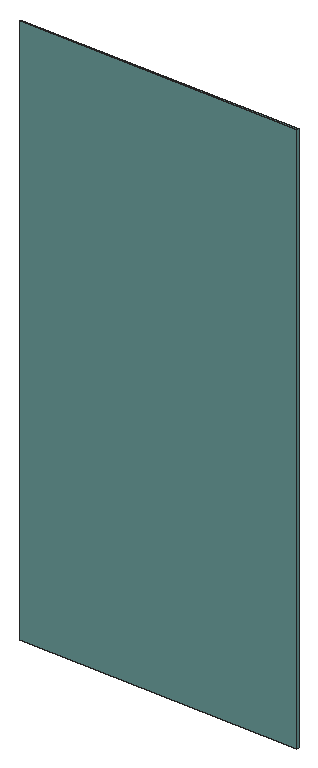
Revit family "Clarus_Wall2Wall_R20", category Furniture, host Face, Revit 2020
Family settings
  Host = Face
  Cut with Voids When Loaded = No
  Shared = No
  Room Calculation Point = No
Parameters (values of type "Create Your Own Sizes")
  Width Control = if(Width > 72", 72", Width)  # 36"
  Width = 36"
  URL = "https://www.clarus.com/"
  TRC Standards [instance] = "http://therevitcollection.com/news/trc-news-the-revit-collection-standards-explained/"
  Show Right Spacer [instance] = no
  Show Left Spacer [instance] = no
  Product URL = "https://www.clarus.com/wall2wall/"
  More Revit Families! [instance] = "www.therevitcollection.com"
  Modeled By = "Commense Studio"  # constant formula
  Model = "Wall 2 Wall"  # constant formula
  Manufacturer = "Clarus"  # constant formula
  Height to Bottom [instance] = 18"
  Height Control = if(Height > 144", 144", Height)  # 72"
  Clarus Glass [instance] = CBC-225 Awesome Aqua
  Description = "Wrap an office from floor to ceiling in beautiful Clarus Wall2Wall Glass to\r\ncreate the perfect space, or selectively integrate custom Clarus Glass into\r\nyour environment. Let your walls become your creativity canvas."  # constant formula
  Height = 72"
  Designer = ""
  Depth = 1/4"  # constant formula
  Default Elevation = 0"
  Channel Spacers [instance] = Clarus Gray
  Assembly Code = ""
Reference planes (in)
  plane 1 "Center (Front/Back)": y = 0
  plane 2: z = 0
  plane 3 "Center (Left/Right)": x = 0
  plane 4 "L": x = -18
  plane 5 "R": x = 18
  plane 6 "F": y = -0.3125
  plane 7: z = 90
  plane 8: z = 18
  plane 9: y = -0.0625
  plane 10: x = -18.0625
  plane 11: x = 18.0625
  plane 12: z = 17.9375
  plane 13: x = -18.4375
  plane 14: x = -17.625
  plane 15: x = 18.4375
  plane 16: x = 17.625
  plane 17: y = -0.1875
Forms (in)
  Extrusion 1, solid, material "CBC-225 Awesome Aqua" <- "Clarus Glass"
    sketch origin (0, 0, 0) x (1, 0, 0) y (0, 1, 0)
      loop
        line (-18, -0.3125) -> (18, -0.3125) -> (18, -0.0625) -> (-18, -0.0625) -> (-18, -0.3125)
    from 18 to 90
  Extrusion 2, solid, material "Clarus Gray" <- "Channel Spacers"
    sketch origin (0, 0, 0) x (0, 1, 0) y (0, 0, 1)
      loop
        line (0, 17.9375) -> (0, 18.6875) -> (-0.0625, 18.6875) -> (-0.0625, 18) -> (-0.1875, 18) -> (-0.1875, 17.9375) -> (0, 17.9375)
    from -17.625 to 17.625
  Extrusion 3, solid, material "Clarus Gray" <- "Channel Spacers", visible <- "Show Left Spacer"
    sketch origin (0, 0, 0) x (1, 0, 0) y (0, 1, 0)
      loop
        line (-18.4375, 0) -> (-18.4375, -0.0625) -> (-18.0625, -0.0625) -> (-18.0625, -0.1875) -> (-18, -0.1875) -> (-18, -0.0625) -> (-17.625, -0.0625) -> (-17.625, 0) -> (-18.4375, 0)
    from 17.9375 to 90
  Extrusion 4, solid, material "Clarus Gray" <- "Channel Spacers", visible <- "Show Right Spacer"
    sketch origin (0, 0, 0) x (-1, 0, 0) y (0, -1, 0)
      loop
        line (-18.4375, 0) -> (-17.625, 0) -> (-17.625, 0.0625) -> (-18, 0.0625) -> (-18, 0.1875) -> (-18.0625, 0.1875) -> (-18.0625, 0.0625) -> (-18.4375, 0.0625) -> (-18.4375, 0)
    from 17.9375 to 90
Dimensions and locks (in)
  equal spacing: plane 4 "L", plane 3 "Center (Left/Right)", plane 5 "R"
  "Width": plane 4 "L" to plane 5 "R"
  "Depth": plane 6 "F" to plane 9
  "Height": plane 7 to plane 8
  "Height to Bottom": plane 8 to level
  locked: plane 9 to plane 1 "Center (Front/Back)" at 0.0625
  locked: plane 10 to plane 4 "L" at 0.0625
  locked: plane 11 to plane 5 "R" at 0.0625
  locked: plane 8 to plane 12 at 0.0625
  locked: plane 13 to plane 10 at 0.375
  locked: plane 14 to plane 4 "L" at 0.375
  locked: plane 15 to plane 11 at 0.375
  locked: plane 16 to plane 5 "R" at 0.375
  locked: plane 6 "F" to plane 17 at 0.125
  aligned and locked: plane 2 to host face
  aligned and locked: level to host face
  aligned and locked: plane 7 to Extrusion 1
  aligned and locked: Extrusion 1 to plane 8
  aligned and locked: Extrusion 1 to plane 9
  aligned and locked: Extrusion 2 to plane 16
  aligned and locked: Extrusion 2 to plane 14
  aligned and locked: plane 7 to Extrusion 3
  aligned and locked: Extrusion 3 to plane 12
  aligned and locked: Extrusion 4 to plane 12
  aligned and locked: plane 7 to Extrusion 4
Automatic sketch dimensions
  host sketch curve to host sketch curve = 96"  (x2)
  Extrusion 1 sketch curve to plane 4 "L" = 0"
  Extrusion 1 sketch curve to plane 5 "R" = 0"
  plane 6 "F" to Extrusion 1 sketch curve = 0"
  plane 9 to Extrusion 1 sketch curve = 0"
  Extrusion 2 sketch curve to plane 12 = 0"
  Extrusion 2 sketch curve to plane 17 = 0"
  Extrusion 2 sketch curve to plane 8 = 0"
  Extrusion 2 sketch curve to plane 9 = 0"
  Extrusion 2 sketch curve to plane 1 "Center (Front/Back)" = 0"
  plane 8 to Extrusion 2 sketch curve = 11/16"
  plane 1 "Center (Front/Back)" to Extrusion 3 sketch curve = 0"
  Extrusion 3 sketch curve to plane 13 = 0"
  Extrusion 3 sketch curve to plane 10 = 0"
  Extrusion 3 sketch curve to plane 4 "L" = 0"
  Extrusion 3 sketch curve to plane 14 = 0"
  plane 17 to Extrusion 3 sketch curve = 0"
  plane 9 to Extrusion 3 sketch curve = 0"  (x2)
  plane 1 "Center (Front/Back)" to Extrusion 4 sketch curve = 0"
  Extrusion 4 sketch curve to plane 15 = 0"
  Extrusion 4 sketch curve to plane 11 = 0"
  Extrusion 4 sketch curve to plane 5 "R" = 0"
  Extrusion 4 sketch curve to plane 16 = 0"
  plane 17 to Extrusion 4 sketch curve = 0"
  plane 9 to Extrusion 4 sketch curve = 0"  (x2)
